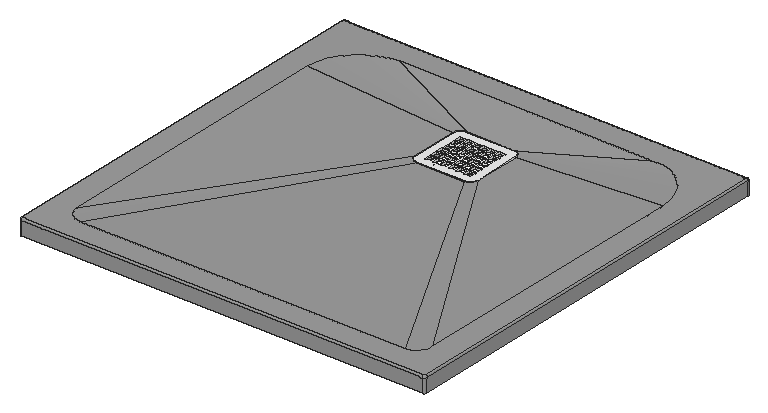
Revit family "IS_UltraFlatS_K8214_BIM_DE", category Plumbing Fixtures, host Face, Revit 2015
Parameters (values of type "K8214FV - ULTRA FLAT S square shower tray 800x800mm")
  WarrantyStartDate = "n/a"
  WarrantyGuarantorParts = "n/a"
  WarrantyGuarantorLabor = "n/a"
  WarrantyDurationUnit = "year"
  WarrantyDurationParts = "n/a"
  WarrantyDurationLabor = "n/a"
  WarrantyDescription = "n/a"
  WFU = 0
  VolumeUnits = "Litres"
  Version = "1"
  Uniclass2015Version = ""
  Uniclass2015Title = ""
  Uniclass2015Code = ""
  URL = "www.idealstandard.com"
  Type Comments = "n/a"
  TagNumber = "n/a"
  SustainabilityPerformance = "n/a"
  SpareParts = "www.idealstandard.de/ersatzteile"
  Space = "Internal"
  Size = "800x800x30"
  Shape = "Rectangular"
  SerialNumber = "n/a"
  ReplacementCost = "n/a"
  ProductInformation = "www.idealstandard.de/produkte"
  PredefinedType = "n/a"
  Phone = "+49228 5210"
  NominalWidth = 800 mm
  NominalLength = 800 mm
  NominalHeight = 30 mm
  NominalDepth = 0 mm
  NettWeight = "22,7 kg"
  Name = "ULTRA FLAT S square shower tray 800x800mm"
  ModelReference = "n/a"
  ModelNumber = "K8214FV"
  Model = "K8214FV"
  Material = "Composite Material"
  ManufacturerURL = "www.idealstandard.com"
  Manufacturer = "idealstandard.de@idealstandard.com"
  Keynote = "n/a"
  IfcExportType = "SHOWER"
  IfcExportAs = "IfcSanitaryTerminalType"
  HasTray = no
  HWFU = 0
  DrainSize = 90 mm
  Description = "ULTRA FLAT S square shower tray 800x800mm"
  Default Elevation = 0 mm
  Cost = 0
  CWFU = 0
  BIMObjectName = "n/a"
  Author = "Ideal Standard GmbH"
  Assembly Code = "C1030200"
Types (5, lengths in mm): name | ModelNumber | Model
  K8214FR - ULTRA FLAT S square shower tray 800x800mm | "K8214FR" | "K8214FR"
  K8214FS - ULTRA FLAT S square shower tray 800x800mm | "K8214FS" | "K8214FS"
  K8214FT -ULTRA FLAT S square shower tray 800x800mm | "K8214FT" | "K8214FT"
  K8214FV - ULTRA FLAT S square shower tray 800x800mm | "K8214FV" | "K8214FV"
  K8214FU - ULTRA FLAT S square shower tray 800x800mm | "K8214FU" | "K8214FU"
Reference planes
  plane 1 "Center (Front/Back)": y = 0
  plane 2: z = 0
  plane 3 "Center (Left/Right)": x = 0
  plane 4: z = 30
  plane 5: x = -400
  plane 6: x = 400
  plane 7: y = -800
  plane 8: y = -750
Forms (mm)
  Extrusion 1, solid, material "ISI_IdealStandard_ShowerTray_Black_Render"
    sketch origin (0, 0, 0) x (1, 0, 0) y (0, 1, 0)
      loop
        arc (-395, 0) -> (-398.536, -1.464) -> (-400, -5) r 5
        line (-400, -5) -> (-400, -795)
        arc (-400, -795) -> (-398.536, -798.536) -> (-395, -800) r 5
        line (-395, -800) -> (395, -800)
        arc (395, -800) -> (398.536, -798.536) -> (400, -795) r 5
        line (400, -795) -> (400, -5)
        arc (400, -5) -> (398.536, -1.464) -> (395, 0) r 5
        line (395, 0) -> (-395, 0)
    from 0 to 30
  Blend 2, void
    base sketch origin (0, 39.744, 30) x (-1, 0, 0) y (0, -1, 0)
      loop
        arc (250, 89.744) -> (320.711, 119.033) -> (350, 189.744) r 100
        line (350, 189.744) -> (350, 759.744)
        arc (350, 759.744) -> (341.213, 780.957) -> (320, 789.744) r 30
        line (320, 789.744) -> (-320, 789.744)
        arc (-320, 789.744) -> (-341.213, 780.957) -> (-350, 759.744) r 30
        line (-350, 759.744) -> (-350, 189.744)
        arc (-350, 189.744) -> (-320.711, 119.033) -> (-250, 89.744) r 100
        line (-250, 89.744) -> (250, 89.744)
    top sketch origin (0, 39.744, 30) x (-1, 0, 0) y (0, -1, 0)
      loop
        arc (47.5, 177.244) -> (58.107, 181.637) -> (62.5, 192.244) r 15
        line (62.5, 192.244) -> (62.5, 287.244)
        arc (62.5, 287.244) -> (58.107, 297.85) -> (47.5, 302.244) r 15
        line (47.5, 302.244) -> (-47.5, 302.244)
        arc (-47.5, 302.244) -> (-58.107, 297.85) -> (-62.5, 287.244) r 15
        line (-62.5, 287.244) -> (-62.5, 192.244)
        arc (-62.5, 192.244) -> (-58.107, 181.637) -> (-47.5, 177.244) r 15
        line (-47.5, 177.244) -> (47.5, 177.244)
    from 0 to -15
  Revolve 3, void
    sketch origin (-65.411, -200, 1219.2) x (-1, 0, 0) y (0, 0, 1)
      loop
        line (-65.411, -1219.2) -> (-20.411, -1219.2) -> (-20.411, -1214.2) -> (-13.411, -1207.2) -> (-65.411, -1207.2) -> (-65.411, -1219.2)
      axis (-65.411, -1219.2) -> (-65.411, -1207.2)
    angle from 0 to 360
  Extrusion 4, void
    sketch origin (0, -134.515, 12) x (-1, 0, 0) y (0, 1, 0)
      loop
        arc (-47.5, -2.985) -> (-58.107, -7.379) -> (-62.5, -17.985) r 15
        line (-62.5, -17.985) -> (-62.5, -112.985)
        arc (-62.5, -112.985) -> (-58.107, -123.592) -> (-47.5, -127.985) r 15
        line (-47.5, -127.985) -> (47.5, -127.985)
        arc (47.5, -127.985) -> (58.107, -123.592) -> (62.5, -112.985) r 15
        line (62.5, -112.985) -> (62.5, -17.985)
        arc (62.5, -17.985) -> (58.107, -7.379) -> (47.5, -2.985) r 15
        line (47.5, -2.985) -> (-47.5, -2.985)
    from 0 to -3
  Extrusion 5, solid, material "Chrome - Polished"
    sketch origin (0, -134.515, 12) x (0, 1, 0) y (-1, 0, 0)
      loop
        arc (-4.985, 46.539) -> (-9.074, 56.411) -> (-18.946, 60.5) r 13.961
        line (-18.946, 60.5) -> (-111.985, 60.5)
        arc (-111.985, 60.5) -> (-121.885, 56.399) -> (-125.985, 46.5) r 14
        line (-125.985, 46.5) -> (-125.985, -46.5)
        arc (-125.985, -46.5) -> (-121.885, -56.399) -> (-111.985, -60.5) r 14
        line (-111.985, -60.5) -> (-18.985, -60.5)
        arc (-18.985, -60.5) -> (-9.086, -56.399) -> (-4.985, -46.5) r 14
        line (-4.985, -46.5) -> (-4.985, 46.539)
      loop
        line (-64.007, 45) -> (-64.007, 32) -> (-52.007, 32) -> (-52.007, 45) -> (-64.007, 45)
      loop
        line (-49.007, 45) -> (-49.007, 32) -> (-37.007, 32) -> (-37.007, 45) -> (-49.007, 45)
      loop
        line (-34.007, 45) -> (-34.007, 32) -> (-22.007, 32) -> (-22.007, 45) -> (-34.007, 45)
      loop
        line (-34.007, 29) -> (-34.007, 16) -> (-22.007, 16) -> (-22.007, 29) -> (-34.007, 29)
      loop
        line (-34.007, 13) -> (-34.007, 1.526) -> (-22.007, 1.526) -> (-22.007, 13) -> (-34.007, 13)
      loop
        line (-37.007, 29) -> (-49.007, 29) -> (-49.007, 16) -> (-37.007, 16) -> (-37.007, 29)
      loop
        line (-37.007, 13) -> (-49.007, 13) -> (-49.007, 1.526) -> (-37.007, 1.526) -> (-37.007, 13)
      loop
        line (-52.007, 29) -> (-64.007, 29) -> (-64.007, 16) -> (-52.007, 16) -> (-52.007, 29)
      loop
        line (-52.007, 13) -> (-64.007, 13) -> (-64.007, 1.526) -> (-52.007, 1.526) -> (-52.007, 13)
      loop
        line (-64.007, -45) -> (-52.007, -45) -> (-52.007, -32) -> (-64.007, -32) -> (-64.007, -45)
      loop
        line (-49.007, -45) -> (-37.007, -45) -> (-37.007, -32) -> (-49.007, -32) -> (-49.007, -45)
      loop
        line (-34.007, -45) -> (-22.007, -45) -> (-22.007, -32) -> (-34.007, -32) -> (-34.007, -45)
      loop
        line (-34.007, -29) -> (-22.007, -29) -> (-22.007, -16) -> (-34.007, -16) -> (-34.007, -29)
      loop
        line (-34.007, -13) -> (-22.007, -13) -> (-22.007, -1.526) -> (-34.007, -1.526) -> (-34.007, -13)
      loop
        line (-37.007, -29) -> (-37.007, -16) -> (-49.007, -16) -> (-49.007, -29) -> (-37.007, -29)
      loop
        line (-37.007, -13) -> (-37.007, -1.526) -> (-49.007, -1.526) -> (-49.007, -13) -> (-37.007, -13)
      loop
        line (-52.007, -29) -> (-52.007, -16) -> (-64.007, -16) -> (-64.007, -29) -> (-52.007, -29)
      loop
        line (-52.007, -13) -> (-52.007, -1.526) -> (-64.007, -1.526) -> (-64.007, -13) -> (-52.007, -13)
      loop
        line (-66.963, 45) -> (-78.963, 45) -> (-78.963, 32) -> (-66.963, 32) -> (-66.963, 45)
      loop
        line (-81.963, 45) -> (-93.963, 45) -> (-93.963, 32) -> (-81.963, 32) -> (-81.963, 45)
      loop
        line (-96.963, 45) -> (-108.963, 45) -> (-108.963, 32) -> (-96.963, 32) -> (-96.963, 45)
      loop
        line (-96.963, 29) -> (-108.963, 29) -> (-108.963, 16) -> (-96.963, 16) -> (-96.963, 29)
      loop
        line (-96.963, 13) -> (-108.963, 13) -> (-108.963, 1.526) -> (-96.963, 1.526) -> (-96.963, 13)
      loop
        line (-93.963, 29) -> (-93.963, 16) -> (-81.963, 16) -> (-81.963, 29) -> (-93.963, 29)
      loop
        line (-93.963, 13) -> (-93.963, 1.526) -> (-81.963, 1.526) -> (-81.963, 13) -> (-93.963, 13)
      loop
        line (-78.963, 29) -> (-78.963, 16) -> (-66.963, 16) -> (-66.963, 29) -> (-78.963, 29)
      loop
        line (-78.963, 13) -> (-78.963, 1.526) -> (-66.963, 1.526) -> (-66.963, 13) -> (-78.963, 13)
      loop
        line (-66.963, -45) -> (-66.963, -32) -> (-78.963, -32) -> (-78.963, -45) -> (-66.963, -45)
      loop
        line (-81.963, -45) -> (-81.963, -32) -> (-93.963, -32) -> (-93.963, -45) -> (-81.963, -45)
      loop
        line (-96.963, -45) -> (-96.963, -32) -> (-108.963, -32) -> (-108.963, -45) -> (-96.963, -45)
      loop
        line (-96.963, -29) -> (-96.963, -16) -> (-108.963, -16) -> (-108.963, -29) -> (-96.963, -29)
      loop
        line (-96.963, -13) -> (-96.963, -1.526) -> (-108.963, -1.526) -> (-108.963, -13) -> (-96.963, -13)
      loop
        line (-93.963, -29) -> (-81.963, -29) -> (-81.963, -16) -> (-93.963, -16) -> (-93.963, -29)
      loop
        line (-93.963, -13) -> (-81.963, -13) -> (-81.963, -1.526) -> (-93.963, -1.526) -> (-93.963, -13)
      loop
        line (-78.963, -29) -> (-66.963, -29) -> (-66.963, -16) -> (-78.963, -16) -> (-78.963, -29)
      loop
        line (-78.963, -13) -> (-66.963, -13) -> (-66.963, -1.526) -> (-78.963, -1.526) -> (-78.963, -13)
    from 0 to 3
  Sweep 6, void
    path in 3D
      loop
        arc (395, -800, 30) -> (398.536, -798.536, 30) -> (400, -795, 30) r 5
        line (400, -795, 30) -> (400, -5, 30)
        arc (400, -5, 30) -> (398.536, -1.464, 30) -> (395, 0, 30) r 5
        line (395, 0, 30) -> (-395, 0, 30)
        arc (-395, 0, 30) -> (-398.536, -1.464, 30) -> (-400, -5, 30) r 5
        line (-400, -5, 30) -> (-400, -795, 30)
        arc (-400, -795, 30) -> (-398.536, -798.536, 30) -> (-395, -800, 30) r 5
        line (-395, -800, 30) -> (395, -800, 30)
    profile origin (0, -800, 30) x (0, 1, 0) y (0, 0, 1)
      loop
        line (0, 0) -> (0, -3)
        arc (0, -3) -> (0.879, -0.879) -> (3, 0) r 3
        line (3, 0) -> (0, 0)
Cuts and joins
  Blend 2, Revolve 3, Extrusion 4, Sweep 6 cuts Extrusion 1
  Blend 2 cuts Extrusion 5
Lines and regions (mm)
  sketch lines
    curve 1: line (-395, -800, 30) -> (395, -800, 30)
    curve 2: arc (400, -795, 30) -> (398.536, -798.536, 30) -> (395, -800, 30) r 5
    curve 3: line (400, -795, 30) -> (400, -5, 30)
    curve 4: arc (-395, -800, 30) -> (-398.536, -798.536, 30) -> (-400, -795, 30) r 5
    curve 5: line (-400, -5, 30) -> (-400, -795, 30)
    curve 6: arc (-400, -5, 30) -> (-398.536, -1.464, 30) -> (-395, 0, 30) r 5
    curve 7: line (395, 0, 30) -> (-395, 0, 30)
    curve 8: arc (395, 0, 30) -> (398.536, -1.464, 30) -> (400, -5, 30) r 5
Dimensions and locks
  level to plane 4 = 30 mm
  plane 5 to plane 6 = 800 mm
  plane 7 to plane 1 "Center (Front/Back)" = 800 mm
  aligned and locked: plane 2 to host face
  aligned and locked: level to host face
Connectors
  piping at (0, -200, 0), diameter 90
    settings: on cut or joined group of Extrusion 1, Blend 2, Revolve 3, Extrusion 4, Sweep 6, index 1, connector inside diameter 609.6 mm, connector length 0 mm, flow factor 0, pipe flow 0.0 L/s, pressure drop 0.0 Pa, fitting loss kfactor 0, connector angle 0.00°, fixture units 0, engagement length 0 mm, angle of deflection 0.00°, flow configuration 2, flow direction 1, fitting loss method 0, system type 16, joint type 0, gender type 0, connector reference index -1, connector utility 0, adjustable connector no, is connector primary yes, connector description ""
